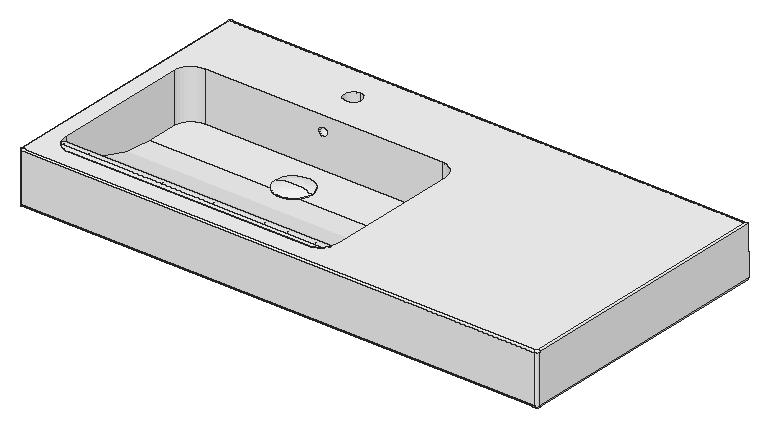
Revit family "Plum Fix_Basin_Argent_Evo_Asymmetric_900mm_LH", category Plumbing Fixtures, Revit 2016
Family settings
  Part Type = Normal
  Round Connector Dimension = Use Diameter
  OmniClass Number = 23.45.05.14.14
  OmniClass Title = Sinks/Lavatories
  Work Plane-Based = No
  Always vertical = Yes
  Cut with Voids When Loaded = Yes
  Shared = No
  Room Calculation Point = No
Parameters (values of type "1 Tap Hole - LH")
  Waste Connection = yes
  WFU = 0
  Vent Connection = no
  Uniclass2015Version = "Products v1.13"
  Uniclass2015Title = "Sinks"
  Uniclass2015Code = "Pr_40_20_96_81"
  URL = "https://www.argentaust.com.au/"
  Type Comments = "1 Tap Hole"
  ModifiedIssue_ANZRS = 20191125
  Model = "EV36MUL01"  # constant formula
  Manufacturer_URL__Product Specific = "https://www.argentaust.com.au/argent-basins-counter-top-wall-mounted-evo-900-asymmetric-basin-left?item=10736"
  Manufacturer_Spec Code = Model  # "EV36MUL01"
  Manufacturer_Overall Width = 905 mm  # constant formula
  Manufacturer_Overall Height = 90 mm  # constant formula
  Manufacturer_Overall Depth = 460 mm  # constant formula
  Manufacturer_Height From FFL [instance] = 900 mm
  Manufacturer = "Argent"  # constant formula
  Keynote = ""
  IfcExportType = "SINK"
  IfcExportAs = "IfcSanitaryTerminalType"
  HWFU = 0
  HW Connection = no
  CreatedBy_ANZRS = "IGS BIM Solutions"  # constant formula
  CreatedByURL_ANZRS = "https://igsgroup.com.au"
  Description = "Evo 900mm asymmetric basin"  # constant formula
  Cost = 0
  CWFU = 0
  CW Connection = no
  Body Material = z_Argent_Ceramic White
  Assembly Code = ""
Reference planes
  plane 1 "Center (Front/Back)": y = -137.5
  plane 2 "Ref. Level": z = 0
  plane 3 "Front": y = -367.5
  plane 4 "Back": y = 92.5
  plane 5 "Right": x = -1.98
  plane 6 "Left": x = -906.98
  plane 7 "Top": z = 990
  plane 8 "Bottom": z = 900
  plane 9 "Center (Left/Right)": x = -454.48
  plane 10 "Drain Top": z = 912.5
Forms (mm)
  Sweep 1, solid, material "z_Argent_Ceramic White" <- "Body Material"
    path origin (0, 0, 990) x (0, -1, 0) y (1, 0, 0)
      loop
        line (-92.5, -906.98) -> (362.5, -906.98)
        arc (362.5, -906.98) -> (366.036, -905.516) -> (367.5, -901.98) r 5
        line (367.5, -901.98) -> (367.5, -6.98)
        arc (367.5, -6.98) -> (366.036, -3.444) -> (362.5, -1.98) r 5
        line (362.5, -1.98) -> (-92.5, -1.98) -> (-92.5, -906.98)
    profile origin (-454.48, 92.5, 990) x (0, 1, 0) y (0, 0, 1)
      loop
        line (-3, 0) -> (-4, 0) -> (-4, -90) -> (-3, -90)
        arc (-3, -90) -> (-0.879, -89.121) -> (0, -87) r 3
        line (0, -87) -> (0, -3)
        arc (0, -3) -> (-0.879, -0.879) -> (-3, 0) r 3
  Extrusion 2, solid, material "z_Argent_Ceramic White" <- "Body Material"
    sketch origin (0, 0, 990) x (0, -1, 0) y (1, 0, 0)
      loop
        line (363.5, -901.98) -> (363.5, -6.98)
        arc (363.5, -6.98) -> (363.207, -6.273) -> (362.5, -5.98) r 1
        line (362.5, -5.98) -> (-88.5, -5.98) -> (-88.5, -902.98) -> (362.5, -902.98)
        arc (362.5, -902.98) -> (363.207, -902.687) -> (363.5, -901.98) r 1
      loop
        arc (37.5, -846.98) -> (46.287, -868.193) -> (67.5, -876.98) r 30
        line (67.5, -876.98) -> (302.5, -876.98)
        arc (302.5, -876.98) -> (323.713, -868.193) -> (332.5, -846.98) r 30
        line (332.5, -846.98) -> (332.5, -431.98)
        arc (332.5, -431.98) -> (323.713, -410.767) -> (302.5, -401.98) r 30
        line (302.5, -401.98) -> (67.5, -401.98)
        arc (67.5, -401.98) -> (46.287, -410.767) -> (37.5, -431.98) r 30
        line (37.5, -431.98) -> (37.5, -846.98)
    from 0 to -90
  Extrusion 3, solid, material "z_Argent_Ceramic White" <- "Body Material"
    sketch origin (-1.98, 0, 90) x (0, 1, 0) y (0, 0, 1)
      loop
        line (-37.5, 810) -> (-37.5, 815) -> (-121.5, 815)
        arc (-121.5, 815) -> (-219.151, 834.76) -> (-301.438, 890.931) r 251.17
        arc (-301.438, 890.931) -> (-311.266, 897.64) -> (-322.93, 900) r 30
        line (-322.93, 900) -> (-332.5, 900) -> (-332.5, 895) -> (-322.335, 895)
        arc (-322.335, 895) -> (-312.591, 893.023) -> (-304.389, 887.404) r 25
        arc (-304.389, 887.404) -> (-220.797, 830.148) -> (-121.5, 810) r 254.764
        line (-121.5, 810) -> (-37.5, 810)
    from -875 to -400
  Extrusion 4, void
    sketch origin (0, 0, 990) x (0, -1, 0) y (1, 0, 0)
      loop
        arc (332.5, -846.98) -> (323.713, -868.193) -> (302.5, -876.98) r 30
        line (302.5, -876.98) -> (332.5, -876.98) -> (332.5, -846.98)
    from 0 to -5
  Extrusion 5, void
    sketch origin (-1278.96, 0, 990) x (0, -1, 0) y (1, 0, 0)
      loop
        line (332.5, 846.98) -> (332.5, 876.98) -> (302.5, 876.98)
        arc (302.5, 876.98) -> (323.713, 868.193) -> (332.5, 846.98) r 30
    from 0 to -5
  Extrusion 6, void
    sketch origin (0, 0, 990) x (0, -1, 0) y (1, 0, 0)
      loop
        circle (-27.5, -639.48) r 15
    from 0 to -90
  Extrusion 7, void
    sketch origin (0, 0, 990) x (0, -1, 0) y (1, 0, 0)
      loop
        circle (102.5, -639.48) r 16
    from -72.59 to -102.005
  Extrusion 8, void
    sketch origin (0, 0, 990) x (0, -1, 0) y (1, 0, 0)
      loop
        line (-92.54, -906.98) -> (362.5, -906.98)
        arc (362.5, -906.98) -> (366.036, -905.516) -> (367.5, -901.98) r 5
        line (367.5, -901.98) -> (367.5, -6.98)
        arc (367.5, -6.98) -> (366.036, -3.444) -> (362.5, -1.98) r 5
        line (362.5, -1.98) -> (-92.54, -1.98) -> (-92.54, -906.98)
    from 0 to -90
  Extrusion 9, void
    sketch origin (0, -367.5, 90) x (-1, 0, 0) y (0, 0, -1)
      loop
        circle (639.48, -875) r 7.5
    from -395.579 to -323.53
Cuts and joins
  Extrusion 6, Extrusion 7, Extrusion 9 cuts Extrusion 2
  joined: Sweep 1, Extrusion 2
  Extrusion 4, Extrusion 5, Extrusion 7 cuts Extrusion 3
Lines and regions (mm)
  Masking region 1
    outline origin (0, 0, 990) x (0, -1, 0) y (1, 0, 0)
      loop
        line (-92.5, -906.98) -> (362.5, -906.98)
        arc (362.5, -906.98) -> (366.036, -905.516) -> (367.5, -901.98) r 5
        line (367.5, -901.98) -> (367.5, -6.98)
        arc (367.5, -6.98) -> (366.036, -3.444) -> (362.5, -1.98) r 5
        line (362.5, -1.98) -> (-92.5, -1.98) -> (-92.5, -906.98)
  Masking region 2
    outline origin (-1.98, 0, 0) x (0, 1, 0) y (0, 0, 1)
      loop
        arc (-364.5, 990) -> (-366.621, 989.121) -> (-367.5, 987) r 3
        line (-367.5, 987) -> (-367.5, 903)
        arc (-367.5, 903) -> (-366.621, 900.879) -> (-364.5, 900) r 3
        line (-364.5, 900) -> (89.5, 900)
        arc (89.5, 900) -> (91.621, 900.879) -> (92.5, 903) r 3
        line (92.5, 903) -> (92.5, 987)
        arc (92.5, 987) -> (91.621, 989.121) -> (89.5, 990) r 3
        line (89.5, 990) -> (-364.5, 990)
  Masking region 3
    outline origin (0, -367.5, 90) x (-1, 0, 0) y (0, 0, 1)
      loop
        line (903.98, 900) -> (4.98, 900)
        arc (4.98, 900) -> (2.859, 899.121) -> (1.98, 897) r 3
        line (1.98, 897) -> (1.98, 813)
        arc (1.98, 813) -> (2.859, 810.879) -> (4.98, 810) r 3
        line (4.98, 810) -> (903.98, 810)
        arc (903.98, 810) -> (906.101, 810.879) -> (906.98, 813) r 3
        line (906.98, 813) -> (906.98, 897)
        arc (906.98, 897) -> (906.101, 899.121) -> (903.98, 900) r 3
  symbolic lines, style "Basins/Sinks/Tubs", detail levels medium+fine
    curve 1: line (-846.98, -37.5, 990) -> (-431.98, -37.5, 990)
    curve 2: arc (-431.98, -37.5, 990) -> (-410.767, -46.287, 990) -> (-401.98, -67.5, 990) r 30
    curve 3: line (-401.98, -67.5, 990) -> (-401.98, -302.5, 990)
    curve 4: arc (-401.98, -302.5, 990) -> (-410.767, -323.713, 990) -> (-431.98, -332.5, 990) r 30
    curve 5: line (-431.98, -332.5, 990) -> (-846.98, -332.5, 990)
    curve 6: arc (-846.98, -332.5, 990) -> (-868.193, -323.713, 990) -> (-876.98, -302.5, 990) r 30
    curve 7: line (-876.98, -302.5, 990) -> (-876.98, -67.5, 990)
    curve 8: arc (-876.98, -67.5, 990) -> (-868.193, -46.287, 990) -> (-846.98, -37.5, 990) r 30
    curve 9: circle (-639.48, 27.5, 990) r 15 normal (0, 0, -1)
  symbolic lines, style "Basins/Sinks/Tubs", detail levels fine
    curve 10: circle (-639.48, -102.5, 990) r 31.83 normal (0, 0, 1)
  symbolic lines, detail levels fine
    curve 11: arc (-1.98, -137.5, 903) -> (-2.859, -137.5, 900.879) -> (-4.98, -137.5, 900) r 3
    curve 12: arc (-903.98, -137.5, 900) -> (-906.101, -137.5, 900.879) -> (-906.98, -137.5, 903) r 3
Text (mm)
  text "Disclaimer:\n\nDue to ongoing product development and manufacturing evolution, product details are subject to change without notice. Please refer to product technical data sheets on the manufacturer’s website for the most current product information. Please allow a +/- 5mm manufacturing tolerance for dimensions and set-outs shown in product literature." at (80.42, 18.661, 0), in view "Ref. Level_Instruction"
Dimensions and locks
  equal spacing: plane 3 "Front", plane 1 "Center (Front/Back)", plane 4 "Back"
  "Manufacturer_Overall Depth": plane 3 "Front" to plane 4 "Back"
  "Manufacturer_Height From FFL": Extrusion 8 to plane 2 "Ref. Level"
  "Manufacturer_Overall Height": plane 7 "Top" to plane 8 "Bottom"
  "Manufacturer_Overall Width": plane 6 "Left" to plane 5 "Right"
  equal spacing: plane 6 "Left", plane 9 "Center (Left/Right)", plane 5 "Right"
  locked: plane 10 "Drain Top" to plane 8 "Bottom" at 12.5
  aligned and locked: plane 4 "Back" to Sweep 1 sketch curve
  aligned and locked: plane 6 "Left" to Sweep 1 sketch curve
  aligned and locked: Sweep 1 sketch curve to plane 3 "Front"
  aligned and locked: Sweep 1 sketch curve to plane 5 "Right"
  aligned and locked: profile plane to Sweep 1 sketch curve
  aligned and locked: Sweep 1 sketch curve to profile plane
  aligned and locked: Sweep 1 sketch curve to plane 8 "Bottom"
  aligned and locked: plane 7 "Top" to Masking region 3
  aligned and locked: Masking region 3 to plane 8 "Bottom"
  aligned and locked: plane 10 "Drain Top" to nested 1
  aligned and locked: Extrusion 8 to plane 8 "Bottom"
Automatic sketch dimensions
  Sweep 1 sketch curve to plane 3 "Front" = 5 mm  (x2)
  Sweep 1 sketch curve to plane 7 "Top" = 3 mm
  profile plane to Sweep 1 sketch curve = 3 mm
  Sweep 1 sketch curve to Sweep 1 sketch curve = 1 mm
  plane 4 "Back" to Extrusion 2 sketch curve = 4 mm
  Extrusion 2 sketch curve to plane 9 "Center (Left/Right)" = 22.5 mm  (x2)
  Extrusion 2 sketch curve to plane 1 "Center (Front/Back)" = 100 mm
  Extrusion 2 sketch curve to Extrusion 2 sketch curve = 30 mm  (x3)
  Extrusion 2 sketch curve to plane 3 "Front" = 65 mm
  Extrusion 2 sketch curve to plane 3 "Front" = 5 mm  (x2)
  Extrusion 2 sketch curve to Extrusion 2 sketch curve = 1 mm
  plane 6 "Left" to Extrusion 2 sketch curve = 60 mm
  plane 6 "Left" to Extrusion 2 sketch curve = 5 mm
  Extrusion 2 sketch curve to plane 5 "Right" = 5 mm
  Extrusion 4 sketch curve to plane 3 "Front" = 65 mm
  Extrusion 4 sketch curve to Extrusion 4 sketch curve = 30 mm  (x2)
  plane 6 "Left" to Extrusion 4 sketch curve = 30 mm
  Extrusion 4 sketch curve to Extrusion 4 sketch curve = 0 mm  (x3)
  plane 9 "Center (Left/Right)" to Extrusion 5 sketch curve = 22.5 mm
  plane 3 "Front" to Extrusion 5 sketch curve = 65 mm
  Extrusion 5 sketch curve to Extrusion 5 sketch curve = 30 mm  (x2)
  Extrusion 5 sketch curve to Extrusion 5 sketch curve = 0 mm  (x3)
  plane 4 "Back" to Extrusion 6 sketch curve = 65 mm
  plane 9 "Center (Left/Right)" to Extrusion 6 sketch curve = 185 mm
  plane 9 "Center (Left/Right)" to Extrusion 7 sketch curve = 185 mm
  Extrusion 7 sketch curve to plane 1 "Center (Front/Back)" = 35 mm
  Extrusion 3 sketch curve to plane 7 "Top" = 0 mm
  Extrusion 3 sketch curve to plane 8 "Bottom" = 0 mm
  Extrusion 3 sketch curve to plane 7 "Top" = 5 mm
  Extrusion 3 sketch curve to plane 3 "Front" = 35 mm
  Extrusion 3 sketch curve to Extrusion 3 sketch curve = 10.165 mm
  Extrusion 3 sketch curve to Extrusion 3 sketch curve = 0.594 mm
  Extrusion 3 sketch curve to plane 1 "Center (Front/Back)" = 16 mm
  Extrusion 3 sketch curve to Extrusion 3 sketch curve = 0 mm  (x2)
  plane 8 "Bottom" to Extrusion 3 sketch curve = 5 mm
  Extrusion 3 sketch curve to Extrusion 3 sketch curve = 84 mm
  Extrusion 3 sketch curve to Extrusion 3 sketch curve = 25 mm
  plane 7 "Top" to Extrusion 3 sketch curve = 164.764 mm
  Extrusion 3 sketch curve to Extrusion 3 sketch curve = 1.406 mm
  Masking region 1 sketch curve to plane 5 "Right" = 0 mm
  plane 3 "Front" to Masking region 1 sketch curve = 0 mm
  Masking region 1 sketch curve to plane 3 "Front" = 5 mm  (x2)
  Masking region 1 sketch curve to plane 4 "Back" = 0 mm
  plane 6 "Left" to Masking region 1 sketch curve = 5 mm
  Masking region 2 sketch curve to plane 3 "Front" = 0 mm
  Masking region 2 sketch curve to plane 8 "Bottom" = 0 mm
  Masking region 2 sketch curve to plane 7 "Top" = 0 mm
  Masking region 2 sketch curve to plane 4 "Back" = 0 mm
  Masking region 2 sketch curve to plane 3 "Front" = 3 mm
  Masking region 2 sketch curve to Masking region 2 sketch curve = 3 mm
  plane 4 "Back" to Masking region 2 sketch curve = 3 mm  (x2)
  Masking region 3 sketch curve to plane 5 "Right" = 0 mm
  plane 7 "Top" to Masking region 3 sketch curve = 0 mm
  plane 8 "Bottom" to Masking region 3 sketch curve = 0 mm
  Masking region 3 sketch curve to plane 6 "Left" = 0 mm
  Masking region 3 sketch curve to plane 5 "Right" = 3 mm  (x2)
  plane 6 "Left" to Masking region 3 sketch curve = 3 mm  (x2)
  plane 4 "Back" to curve 9 = 65 mm
  curve 1 to plane 9 "Center (Left/Right)" = 22.5 mm
  curve 1 to plane 1 "Center (Front/Back)" = 100 mm
  curve 1 to curve 2 = 30 mm
  plane 6 "Left" to curve 7 = 30 mm
  curve 8 to curve 7 = 30 mm
  curve 10 to plane 1 "Center (Front/Back)" = 35 mm
  curve 7 to plane 3 "Front" = 65 mm
  curve 4 to plane 9 "Center (Left/Right)" = 22.5 mm
  curve 4 to plane 3 "Front" = 65 mm
  plane 9 "Center (Left/Right)" to curve 10 = 185 mm
  curve 12 to plane 8 "Bottom" = 0 mm
  curve 11 to plane 8 "Bottom" = 0 mm
  plane 6 "Left" to curve 12 = 3 mm
  curve 12 to plane 6 "Left" = 0 mm
  curve 11 to plane 5 "Right" = 0 mm
  curve 11 to curve 11 = 3 mm
  Extrusion 8 sketch curve to plane 4 "Back" = 0.04 mm
  Extrusion 8 sketch curve to plane 3 "Front" = 0 mm
  Extrusion 8 sketch curve to plane 3 "Front" = 5 mm
  Extrusion 8 sketch curve to plane 5 "Right" = 0 mm
  Extrusion 8 sketch curve to plane 6 "Left" = 0 mm
  Extrusion 8 sketch curve to Extrusion 8 sketch curve = 5 mm
  plane 7 "Top" to Extrusion 9 sketch curve = 25 mm
  Extrusion 9 sketch curve to plane 9 "Center (Left/Right)" = 185 mm
  curve 9 to curve 10 = 0 mm
  radius of Extrusion 6 sketch curve = 15 mm
  radius of Extrusion 7 sketch curve = 16 mm
  radius of curve 10 = 31.83 mm
  radius of Extrusion 9 sketch curve = 7.5 mm
  radius of curve 9 = 15 mm
Nested families
  nested 1: "z.PlumFix_Waste_32mm Pop-up" at (-635, -163.25, 905.5), type "Chrome"
    with Manufacturer_Height From FFL 0 mm
Connectors
  piping at (-639.48, -102.5, 836.7), diameter 32, driven by "Waste Connection"
    settings: on nested 1, index 1, connector inside diameter 609.6 mm, connector length 0 mm, flow factor 0, pipe flow 0.000 L/s, pressure drop 0.0 Pa, fitting loss kfactor 0, connector angle 0.00°, fixture units 0, engagement length 0 mm, angle of deflection 0.00°, flow configuration 0, flow direction 2, fitting loss method 4, system type 16, joint type 0, gender type 0, connector reference index -1, connector utility 1, adjustable connector no, is connector primary yes, connector description "Waste Outlet"
Definition of nested family "z.PlumFix_Waste_32mm Pop-up"
  Parameters (values of type "Chrome")
    Waste Connection = yes
    WFU = 0
    Vent Connection = no
    URL = "https://www.argentaust.com.au/"
    Type Comments = ""
    ModifiedIssue_ANZRS = 20180826
    Model = ""
    Manufacturer_Overall Width = 63.5 mm  # constant formula
    Manufacturer_Overall Height = 130 mm  # constant formula
    Manufacturer_Overall Depth = 63.5 mm  # constant formula
    Manufacturer_Height From FFL [instance] = 0 mm
    Manufacturer = "Argent"  # constant formula
    Keynote = ""
    HWFU = 0
    HW Connection = no
    CreatedBy_ANZRS = "IGS BIM Solutions"  # constant formula
    CreatedByURL_ANZRS = "https://www.igsgroup.com.au"
    Description = ""
    Cost = 0
    CWFU = 0
    CW Connection = yes
    Body Material = none
    Assembly Code = ""
  Reference planes
    plane 1 "Center (Front/Back)": y = 60.75
    plane 2 "Ref. Level": z = 0
    plane 3 "Front": y = 29
    plane 4 "Back": y = 92.5
    plane 5 "Center (Left/Right)": x = -4.48
    plane 6 "Left": x = -36.23
    plane 7 "Right": x = 27.27
    plane 8 "Top Offset": z = 0
    plane 9 "Top": z = 7
    plane 10 "Bottom": z = -123
    plane 11: y = 60.75
  Forms (mm)
    Revolve 1, solid, material <- "Body Material", detail levels medium+fine
      sketch origin (0, 60.75, 0) x (1, 0, 0) y (0, 0, 1)
        loop
          line (-4.48, -123) -> (-4.48, 7)
          arc (-4.48, 7) -> (-20.634, 5.492) -> (-36.23, 1.02) r 87.27
          line (-36.23, 1.02) -> (-36.23, 0) -> (-20.48, 0) -> (-20.48, -8) -> (-34.48, -8) -> (-34.48, -16) -> (-24.48, -16) -> (-24.48, -23) -> (-34.48, -23) -> (-34.48, -32) -> (-29.48, -32) -> (-29.48, -56.8) -> (-20.48, -56.8) -> (-20.48, -68.8) -> (-7.48, -68.8) -> (-7.48, -123) -> (-4.48, -123)
        axis (-4.48, -123) -> (-4.48, 7)
      angle from 0 to 360
  Lines and regions (mm)
    Masking region 1
      outline origin (-4.48, 0, 0) x (0, 1, 0) y (0, 0, 1)
        loop
          line (85.75, -56.8) -> (85.75, -32) -> (90.75, -32) -> (90.75, -23) -> (80.75, -23) -> (80.75, -16) -> (90.75, -16) -> (90.75, -8) -> (76.75, -8) -> (76.75, 0) -> (92.5, 0) -> (92.5, 1.02)
          arc (92.5, 1.02) -> (60.75, 7) -> (29, 1.02) r 87.27
          line (29, 1.02) -> (29, 0) -> (44.75, 0) -> (44.75, -8) -> (30.75, -8) -> (30.75, -16) -> (40.75, -16) -> (40.75, -23) -> (30.75, -23) -> (30.75, -32) -> (35.75, -32) -> (35.75, -56.8) -> (44.75, -56.8) -> (44.75, -68.8) -> (57.75, -68.8) -> (57.75, -123) -> (63.75, -123) -> (63.75, -68.8) -> (76.75, -68.8) -> (76.75, -56.8) -> (85.75, -56.8)
    Masking region 2
      outline origin (0, 29, 0) x (-1, 0, 0) y (0, 0, 1)
        loop
          line (20.48, -56.8) -> (29.48, -56.8) -> (29.48, -32) -> (34.48, -32) -> (34.48, -23) -> (24.48, -23) -> (24.48, -16) -> (34.48, -16) -> (34.48, -8) -> (20.48, -8) -> (20.48, 0) -> (36.23, 0) -> (36.23, 1.02)
          arc (36.23, 1.02) -> (4.48, 7) -> (-27.27, 1.02) r 87.27
          line (-27.27, 1.02) -> (-27.27, 0) -> (-11.52, 0) -> (-11.52, -8) -> (-25.52, -8) -> (-25.52, -16) -> (-15.52, -16) -> (-15.52, -23) -> (-25.52, -23) -> (-25.52, -32) -> (-20.52, -32) -> (-20.52, -56.8) -> (-11.52, -56.8) -> (-11.52, -68.8) -> (1.48, -68.8) -> (1.48, -123) -> (7.48, -123) -> (7.48, -68.8) -> (20.48, -68.8) -> (20.48, -56.8)
    symbolic lines, detail levels medium+fine
      curve 1: line (-20.48, 29, -56.8) -> (11.52, 29, -56.8)
      curve 2: line (-29.48, 29, -32) -> (20.52, 29, -32)
      curve 3: line (-24.48, 29, -23) -> (15.52, 29, -23)
      curve 4: line (-24.48, 29, -16) -> (15.52, 29, -16)
      curve 5: line (-20.48, 29, -8) -> (11.52, 29, -8)
      curve 7: line (-7.48, 29, -68.8) -> (-1.48, 29, -68.8)
      curve 8: line (-36.23, 76.75, 0) -> (-36.23, 44.75, 0)
      curve 9: line (-36.23, 76.75, -8) -> (-36.23, 44.75, -8)
      curve 10: line (-36.23, 80.75, -16) -> (-36.23, 40.75, -16)
      curve 11: line (-36.23, 80.75, -23) -> (-36.23, 40.75, -23)
      curve 12: line (-36.23, 85.75, -32) -> (-36.23, 35.75, -32)
      curve 13: line (-36.23, 76.75, -56.8) -> (-36.23, 44.75, -56.8)
      curve 14: line (-36.23, 63.75, -68.8) -> (-36.23, 57.75, -68.8)
    symbolic lines, detail levels fine
      curve 6: line (-20.48, 29, 0) -> (11.52, 29, 0)
      curve 15: line (-36.23, 92.5, 1.02) -> (-36.23, 29, 1.02)
      curve 16: line (-36.23, 29, 1.02) -> (27.27, 29, 1.02)
  Text (mm)
    text "Disclaimer:\n\nDue to ongoing product development and manufacturing evolution, product details are subject to change without notice. Please refer to product technical data sheets on the manufacturer’s website for the most current product information. Please allow a +/- 5mm manufacturing tolerance for dimensions and set-outs shown in product literature." at (200.434, 226.107, 0), in view "Ref. Level_Instruction"
  Dimensions and locks
    equal spacing: plane 3 "Front", plane 1 "Center (Front/Back)", plane 4 "Back"
    equal spacing: plane 6 "Left", plane 5 "Center (Left/Right)", plane 7 "Right"
    "Manufacturer_Overall Depth": plane 3 "Front" to plane 4 "Back"
    "Manufacturer_Overall Width": plane 6 "Left" to plane 7 "Right"
    "Manufacturer_Height From FFL": plane 8 "Top Offset" to plane 2 "Ref. Level"
    locked: plane 9 "Top" to plane 8 "Top Offset" at 7
    "Manufacturer_Overall Height": plane 9 "Top" to plane 10 "Bottom"
    aligned and locked: plane 6 "Left" to Revolve 1 sketch curve
  Automatic sketch dimensions
    curve 16 to plane 7 "Right" = 0 mm
    curve 6 to plane 8 "Top Offset" = 0 mm
    curve 16 to plane 6 "Left" = 0 mm
    curve 6 to curve 5 = 0 mm  (x2)
    curve 7 to plane 5 "Center (Left/Right)" = 3 mm
    plane 5 "Center (Left/Right)" to curve 1 = 16 mm
    curve 5 to plane 6 "Left" = 15.75 mm
    curve 3 to plane 6 "Left" = 11.75 mm
    curve 2 to plane 6 "Left" = 6.75 mm
    plane 8 "Top Offset" to curve 5 = 8 mm
    curve 3 to curve 4 = 7 mm
    curve 1 to curve 2 = 24.8 mm
    curve 16 to plane 8 "Top Offset" = 1.02 mm
    curve 15 to plane 3 "Front" = 0 mm
    curve 8 to plane 8 "Top Offset" = 0 mm
    curve 15 to plane 4 "Back" = 0 mm
    plane 1 "Center (Front/Back)" to curve 14 = 3 mm
    curve 13 to plane 1 "Center (Front/Back)" = 16 mm
    plane 4 "Back" to curve 9 = 15.75 mm
    curve 8 to curve 9 = 0 mm  (x2)
    plane 4 "Back" to curve 11 = 11.75 mm
    plane 4 "Back" to curve 12 = 6.75 mm
    curve 9 to plane 8 "Top Offset" = 8 mm
    curve 11 to curve 10 = 7 mm
    curve 13 to curve 12 = 24.8 mm
    plane 8 "Top Offset" to curve 15 = 1.02 mm
    Revolve 1 sketch curve to level = 0 mm
    Revolve 1 sketch curve to plane 10 "Bottom" = 0 mm
    Revolve 1 sketch curve to plane 5 "Center (Left/Right)" = 0 mm  (x2)
    Revolve 1 sketch curve to plane 9 "Top" = 0 mm
    plane 6 "Left" to Revolve 1 sketch curve = 1.75 mm  (x2)
    plane 6 "Left" to Revolve 1 sketch curve = 6.75 mm
    Revolve 1 sketch curve to Revolve 1 sketch curve = 10 mm
    Revolve 1 sketch curve to Revolve 1 sketch curve = 9 mm  (x2)
    Revolve 1 sketch curve to Revolve 1 sketch curve = 4 mm
    Revolve 1 sketch curve to Revolve 1 sketch curve = 12 mm
    Revolve 1 sketch curve to Revolve 1 sketch curve = 24.8 mm
    Revolve 1 sketch curve to Revolve 1 sketch curve = 7 mm
    Revolve 1 sketch curve to level = 8 mm
    plane 9 "Top" to Revolve 1 sketch curve = 249.25 mm
    Revolve 1 sketch curve to Revolve 1 sketch curve = 180 mm
    Revolve 1 sketch curve to Revolve 1 sketch curve = 11.47 mm
    Revolve 1 sketch curve to Revolve 1 sketch curve = 3 mm
    Revolve 1 sketch curve to Revolve 1 sketch curve = 42.73 mm
    Masking region 2 sketch curve to level = 0 mm  (x2)
    plane 7 "Right" to Masking region 2 sketch curve = 0 mm
    Masking region 2 sketch curve to plane 10 "Bottom" = 0 mm
    Masking region 2 sketch curve to plane 5 "Center (Left/Right)" = 0 mm
    Masking region 2 sketch curve to plane 6 "Left" = 0 mm
    plane 7 "Right" to Masking region 2 sketch curve = 1.75 mm  (x2)
    Masking region 2 sketch curve to Masking region 2 sketch curve = 5 mm
    Masking region 2 sketch curve to Masking region 2 sketch curve = 10 mm
    Masking region 2 sketch curve to Masking region 2 sketch curve = 4 mm  (x2)
    Masking region 2 sketch curve to Masking region 2 sketch curve = 9 mm  (x3)
    plane 5 "Center (Left/Right)" to Masking region 2 sketch curve = 3 mm
    Masking region 2 sketch curve to plane 5 "Center (Left/Right)" = 3 mm
    Masking region 2 sketch curve to Masking region 2 sketch curve = 15.75 mm
    plane 6 "Left" to Masking region 2 sketch curve = 15.75 mm
    plane 6 "Left" to Masking region 2 sketch curve = 6.75 mm
    plane 6 "Left" to Masking region 2 sketch curve = 1.75 mm  (x2)
    plane 10 "Bottom" to Masking region 2 sketch curve = 42.73 mm
    Masking region 2 sketch curve to Masking region 2 sketch curve = 11.47 mm
    Masking region 2 sketch curve to Masking region 2 sketch curve = 0 mm
    Masking region 2 sketch curve to Masking region 2 sketch curve = 12 mm  (x2)
    Masking region 2 sketch curve to Masking region 2 sketch curve = 24.8 mm  (x2)
    Masking region 2 sketch curve to Masking region 2 sketch curve = 7 mm  (x2)
    Masking region 2 sketch curve to level = 8 mm  (x2)
    Masking region 2 sketch curve to Masking region 2 sketch curve = 1.02 mm
    curve 4 to curve 3 = 0 mm  (x2)
    curve 4 to curve 5 = 4 mm
    Masking region 1 sketch curve to level = 0 mm  (x2)
    Masking region 1 sketch curve to plane 3 "Front" = 0 mm
    Masking region 1 sketch curve to plane 10 "Bottom" = 0 mm
    Masking region 1 sketch curve to plane 1 "Center (Front/Back)" = 0 mm
    Masking region 1 sketch curve to plane 4 "Back" = 0 mm
    Masking region 1 sketch curve to plane 3 "Front" = 1.75 mm  (x2)
    Masking region 1 sketch curve to Masking region 1 sketch curve = 5 mm
    Masking region 1 sketch curve to Masking region 1 sketch curve = 10 mm
    Masking region 1 sketch curve to Masking region 1 sketch curve = 4 mm  (x2)
    Masking region 1 sketch curve to Masking region 1 sketch curve = 9 mm  (x3)
    plane 1 "Center (Front/Back)" to Masking region 1 sketch curve = 3 mm
    Masking region 1 sketch curve to plane 1 "Center (Front/Back)" = 3 mm
    plane 4 "Back" to Masking region 1 sketch curve = 15.75 mm  (x2)
    plane 4 "Back" to Masking region 1 sketch curve = 6.75 mm
    plane 4 "Back" to Masking region 1 sketch curve = 1.75 mm  (x2)
    plane 10 "Bottom" to Masking region 1 sketch curve = 42.73 mm
    Masking region 1 sketch curve to Masking region 1 sketch curve = 11.47 mm
    Masking region 1 sketch curve to Masking region 1 sketch curve = 0 mm
    Masking region 1 sketch curve to Masking region 1 sketch curve = 12 mm  (x2)
    Masking region 1 sketch curve to Masking region 1 sketch curve = 24.8 mm  (x2)
    Masking region 1 sketch curve to Masking region 1 sketch curve = 7 mm  (x2)
    Masking region 1 sketch curve to level = 8 mm  (x2)
    Masking region 1 sketch curve to Masking region 1 sketch curve = 1.02 mm
    curve 14 to plane 1 "Center (Front/Back)" = 3 mm
    curve 10 to curve 11 = 0 mm  (x2)
    curve 10 to curve 9 = 4 mm
    curve 13 to plane 3 "Front" = 15.75 mm
    curve 14 to curve 13 = 12 mm
    curve 10 to curve 9 = 8 mm
    curve 12 to plane 3 "Front" = 6.75 mm
    curve 12 to curve 11 = 5 mm
    curve 12 to curve 11 = 9 mm
    curve 4 to plane 7 "Right" = 11.75 mm
    curve 2 to curve 3 = 9 mm
    curve 2 to plane 7 "Right" = 6.75 mm
    curve 1 to plane 7 "Right" = 15.75 mm
    curve 7 to curve 1 = 12 mm
    plane 5 "Center (Left/Right)" to curve 7 = 3 mm
    curve 4 to curve 5 = 8 mm
